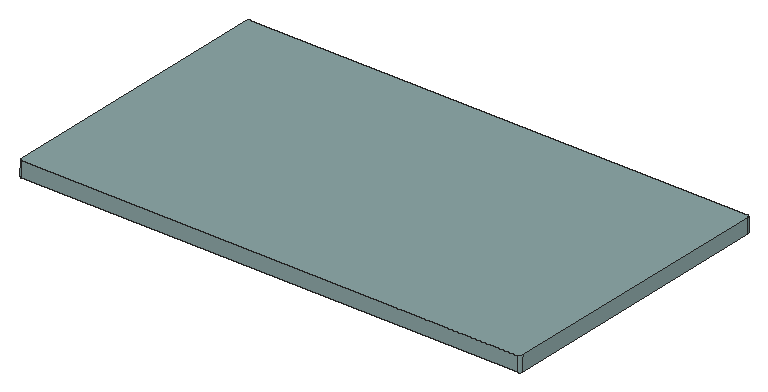
Revit family "Haworth_Masters_Cushion", category Furniture Systems, Revit 2018
Family settings
  Round Connector Dimension = Use Diameter
  Part Type = Normal
  OmniClass Number = 23.40.70.14
  OmniClass Title = Retail and Commercial Equipment and Furnishings
  Work Plane-Based = No
  Always vertical = Yes
  Cut with Voids When Loaded = No
  Shared = No
  Room Calculation Point = No
Parameters (values of type "24d 42w")
  Warranty = "https://www.haworth.com/resources/product-info/warranties"
  URL - Product = "https://www.haworth.com/products/desks/freestanding/masters-series"
  URL = "www.haworth.com"
  Sustainability Info = "https://www.haworth.com/company-info/sustainability"
  Size = "Verify Final Dim. w/ Haworth"  # constant formula
  Revision Number = "2"  # constant formula
  OmniClass Number = "23.40.70.14"  # constant formula
  Mounting Offset [instance] = 31"
  Model = "XZSC"  # constant formula
  Min/Max Width = "15.5, 30, 36, 42 in."  # constant formula
  Min/Max Depth = "19, 21, 24 in."  # constant formula
  Material Options = ""
  Manufacturer = "Haworth"  # constant formula
  Fabric Finish [instance] = Haworth _ Fabric _ Tellure _ Miami 3A-33
  Description = "Haworth Masters - Storage Cushion - 24d 42w"
  Author = "Haworth (Alias), SHAPE Environments, LLC"  # constant formula
  Assembly Code = "E2020200"
  Actual Width = 42"
  Actual Height = 1 1/4"  # constant formula
  Actual Depth = 24"
Types (8): name | Description | Actual Width | Actual Depth
  (no name) | "Haworth Masters - Storage Cushion - 24d 42w" | 42" | 24"
  24d 42w | "Haworth Masters - Storage Cushion - 24d 42w" | 42" | 24"
  24d 36w | "Haworth Masters - Storage Cushion - 24d 36w" | 36" | 24"
  24d 30w | "Haworth Masters - Storage Cushion - 24d 30w" | 30" | 24"
  19d 42w | "Haworth Masters - Storage Cushion - 19d 42w" | 42" | 19"
  19d 36w | "Haworth Masters - Storage Cushion - 19d 36w" | 36" | 19"
  19d 30w | "Haworth Masters - Storage Cushion - 19d 30w" | 30" | 19"
  21d 15w | "Haworth Masters - Storage Cushion - 21d 15.4w" | 15 1/2" | 21"
Reference planes (in)
  plane 1 "Storage Center F/B": y = 0
  plane 2: z = 0
  plane 3 "Storage Center L/R": x = 0
  plane 4 "Left": x = -21
  plane 5 "Back": y = 12
  plane 6 "Front": y = -12
  plane 7 "Right": x = 21
  plane 8 "Top": z = 32.25
  plane 9 "Bottom": z = 31
Forms (in)
  Extrusion 1, solid, material "Haworth _ Fabric _ Tellure _ Miami 3A-33" <- "Fabric Finish"
    sketch origin (-36.03948, -180, 31) x (-1, 0, 0) y (0, -1, 0)
      loop
        arc (-15.28948, -192) -> (-15.11271, -191.92678) -> (-15.03948, -191.75) r 0.25
        line (-15.03948, -191.75) -> (-15.03948, -168.25)
        arc (-15.03948, -168.25) -> (-15.11271, -168.07322) -> (-15.28948, -168) r 0.25
        line (-15.28948, -168) -> (-56.78948, -168)
        arc (-56.78948, -168) -> (-56.96626, -168.07322) -> (-57.03948, -168.25) r 0.25
        line (-57.03948, -168.25) -> (-57.03948, -191.75)
        arc (-57.03948, -191.75) -> (-56.96626, -191.92678) -> (-56.78948, -192) r 0.25
        line (-56.78948, -192) -> (-15.28948, -192)
    from 0 to 1.25
Lines and regions (in)
  Masking region 1
    outline origin (0, 0, 0) x (1, 0, 0) y (0, 1, 0)
      loop
        arc (-20.75, 12) -> (-20.92678, 11.92678) -> (-21, 11.75) r 0.25
        line (-21, 11.75) -> (-21, -11.75)
        arc (-21, -11.75) -> (-20.92678, -11.92678) -> (-20.75, -12) r 0.25
        line (-20.75, -12) -> (20.75, -12)
        arc (20.75, -12) -> (20.92678, -11.92678) -> (21, -11.75) r 0.25
        line (21, -11.75) -> (21, 11.75)
        arc (21, 11.75) -> (20.92678, 11.92678) -> (20.75, 12) r 0.25
        line (20.75, 12) -> (-20.75, 12)
Dimensions and locks (in)
  equal spacing: plane 5 "Back", plane 1 "Storage Center F/B", plane 6 "Front"
  "Actual Depth": plane 5 "Back" to plane 6 "Front"
  equal spacing: plane 4 "Left", plane 3 "Storage Center L/R", plane 7 "Right"
  "Actual Width": plane 4 "Left" to plane 7 "Right"
  "Mounting Offset": plane 9 "Bottom" to level
  "Actual Height": plane 8 "Top" to plane 9 "Bottom"
  aligned and locked: plane 5 "Back" to Extrusion 1 sketch curve
  aligned and locked: plane 7 "Right" to Extrusion 1 sketch curve
  aligned and locked: plane 6 "Front" to Extrusion 1 sketch curve
  aligned and locked: plane 4 "Left" to Extrusion 1 sketch curve
  aligned and locked: plane 8 "Top" to Extrusion 1
  aligned and locked: Extrusion 1 to plane 5 "Back"
  aligned and locked: Extrusion 1 to plane 9 "Bottom"
  aligned and locked: plane 7 "Right" to Masking region 1 sketch curve
  aligned and locked: plane 6 "Front" to Masking region 1 sketch curve
  aligned and locked: plane 4 "Left" to Masking region 1 sketch curve
  aligned and locked: plane 5 "Back" to Masking region 1 sketch curve
Automatic sketch dimensions
  plane 7 "Right" to Extrusion 1 sketch curve = 1/4"  (x2)
  plane 4 "Left" to Extrusion 1 sketch curve = 1/4"  (x2)
  plane 4 "Left" to Masking region 1 sketch curve = 1/4"
  Masking region 1 sketch curve to Masking region 1 sketch curve = 1/4"
  plane 7 "Right" to Masking region 1 sketch curve = 1/4"  (x2)
